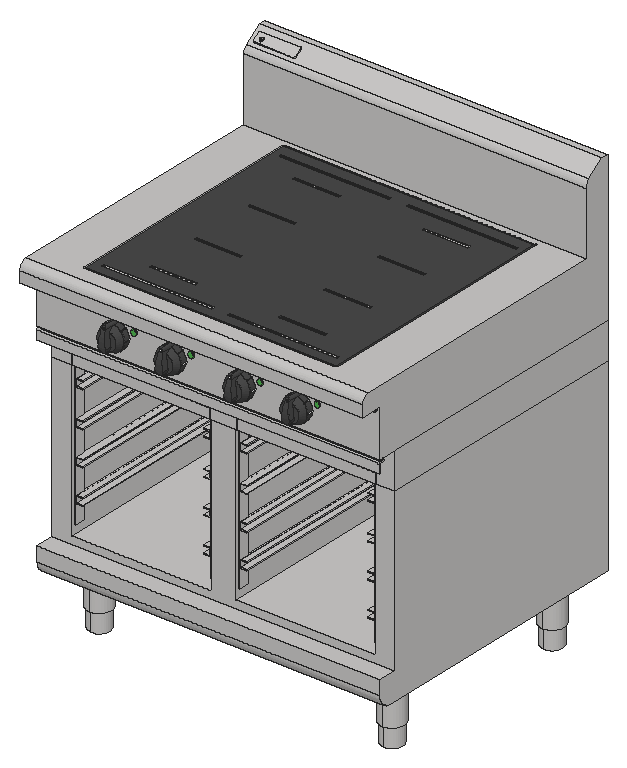
Revit family "QF_Moffat_IN8400F-CB_Induction_Cooktop_cat", category Specialty Equipment, Revit 2019
Family settings
  Round Connector Dimension = Use Diameter
  Part Type = Normal
  Work Plane-Based = No
  Always vertical = Yes
  Cut with Voids When Loaded = No
  Shared = No
  Room Calculation Point = No
Parameters (values of type "IN8400F-CB_400/50/3")
  Weight in Kilograms = 105
  Watts = 20000 W
  Volts = 400 V
  URL Cutsheet = ""
  Specification by User = ""
  Specification by Manufacturer = ""
  Show Logo [instance] = yes
  Serial Number = ""
  Seismic Rating = ""
  SMACNA No = ""
  Revision Code = ""
  Phase = 3
  Number of Poles = 1
  NAFEM Spec ID Number = ""
  Model = "IN8400F-CB"
  Min Ckt Ampacity = 0 A
  Max Overcurrent Protection = 0 A
  Masterspec = ""
  Manufacturer = "Moffat"
  Length = 900 mm
  Item Number = ""
  Installed By = ""
  Identify Quantity as Lot = yes
  Height = 1130 mm
  HP = ""
  Furnished By = ""
  Foodservice Equipment Identifier = yes
  FL Amps = 28 A
  Electrical Remarks = ""
  Electric Connection Type = ""
  Elec Conn RI Height = 0 mm
  Elec Conn Connection Height = 0 mm
  Description = "Induction Cooktop"
  Depth = 805 mm
  Cycle = 50 Hz
  Conn Plug = ""
  Conn Conduit = yes
  CSI MasterFormat = ""
  Apparent Power = 16608 VA
Reference planes
  plane 1 "BACK": y = 0
  plane 2: z = 0
  plane 3 "LEFT": x = 0
  plane 4 "RIGHT": x = 900
  plane 5 "FRONT": y = -805
  plane 6 "TOP": z = 1130
  plane 7 "Center Y": x = 450
  plane 8 "Center X": y = -402.5
  plane 9: x = 65.5
  plane 10: x = 834.5
  plane 11: y = -30
  plane 12: z = 150
  plane 13: y = -100
  plane 14: y = -625
  plane 15: y = -70
  plane 16: z = 915
  plane 17: x = 770
Forms (mm)
  Extrusion 1, solid, material "QF_Metal_Stainless_Polished"
    sketch origin (0, 0, 560) x (0, 1, 0) y (0, 0, 1)
      loop
        line (0, 180) -> (0, 570) -> (-18.182, 570) -> (-60.863, 538.99)
        arc (-60.863, 538.99) -> (-67.584, 531.121) -> (-70, 521.058) r 22.165
        line (-70, 521.058) -> (-70, 355) -> (-784.417, 355)
        arc (-784.417, 355) -> (-798.971, 348.971) -> (-805, 334.417) r 20.583
        line (-805, 334.417) -> (-805, 305) -> (-749, 305) -> (-749, 180) -> (0, 180)
    from 0 to 900
  Extrusion 2, void
    sketch origin (0, -784.171, 915) x (0, 1, 0) y (-1, 0, 0)
      loop
        arc (699.341, -122.382) -> (697.584, -118.139) -> (693.341, -116.382) r 6
        line (693.341, -116.382) -> (45.245, -116.382)
        arc (45.245, -116.382) -> (41.002, -118.139) -> (39.245, -122.382) r 6
        line (39.245, -122.382) -> (39.245, -777.618)
        arc (39.245, -777.618) -> (41.002, -781.861) -> (45.245, -783.618) r 6
        line (45.245, -783.618) -> (693.341, -783.618)
        arc (693.341, -783.618) -> (697.584, -781.861) -> (699.341, -777.618) r 6
        line (699.341, -777.618) -> (699.341, -122.382)
    from 0 to -9.5
  Extrusion 3, solid, material "QF_Plastic_Black_Smooth"
    sketch origin (0, -784.171, 915) x (0, 1, 0) y (-1, 0, 0)
      loop
        line (695.341, -777.618) -> (695.341, -122.382)
        arc (695.341, -122.382) -> (694.755, -120.968) -> (693.341, -120.382) r 2
        line (693.341, -120.382) -> (45.245, -120.382)
        arc (45.245, -120.382) -> (43.831, -120.968) -> (43.245, -122.382) r 2
        line (43.245, -122.382) -> (43.245, -777.618)
        arc (43.245, -777.618) -> (43.831, -779.032) -> (45.245, -779.618) r 2
        line (45.245, -779.618) -> (693.341, -779.618)
        arc (693.341, -779.618) -> (694.755, -779.032) -> (695.341, -777.618) r 2
      loop
        line (663.444, -138.924) -> (657.444, -138.924) -> (657.444, -426.076) -> (663.444, -426.076) -> (663.444, -138.924)
      loop
        line (78.838, -141.424) -> (72.838, -141.424) -> (72.838, -428.576) -> (78.838, -428.576) -> (78.838, -141.424)
      loop
        line (663.444, -761.076) -> (663.444, -473.924) -> (657.444, -473.924) -> (657.444, -761.076) -> (663.444, -761.076)
      loop
        line (78.838, -758.576) -> (78.838, -471.424) -> (72.838, -471.424) -> (72.838, -758.576) -> (78.838, -758.576)
      loop
        line (600.671, -220) -> (600.671, -340) -> (606.671, -340) -> (606.671, -220) -> (600.671, -220)
      loop
        line (454.421, -220) -> (454.421, -340) -> (460.421, -340) -> (460.421, -220) -> (454.421, -220)
      loop
        line (283.728, -340) -> (283.728, -220) -> (277.728, -220) -> (277.728, -340) -> (283.728, -340)
      loop
        line (136.404, -340) -> (136.404, -220) -> (130.404, -220) -> (130.404, -340) -> (136.404, -340)
      loop
        line (600.671, -680) -> (606.671, -680) -> (606.671, -560) -> (600.671, -560) -> (600.671, -680)
      loop
        line (454.421, -680) -> (460.421, -680) -> (460.421, -560) -> (454.421, -560) -> (454.421, -680)
      loop
        line (283.728, -560) -> (277.728, -560) -> (277.728, -680) -> (283.728, -680) -> (283.728, -560)
      loop
        line (136.404, -560) -> (130.404, -560) -> (130.404, -680) -> (136.404, -680) -> (136.404, -560)
    from 0 to -9.5
  Extrusion 4, solid, material "QF_Metal_Stainless_Polished"
    sketch origin (0, 0, 600) x (0, 1, 0) y (0, 0, 1)
      loop
        line (-739.467, 140) -> (-738.192, 134.838)
        arc (-738.192, 134.838) -> (-738.307, 134.302) -> (-738.799, 134.063) r 0.625
        line (-738.799, 134.063) -> (-746.111, 134.063)
        arc (-746.111, 134.063) -> (-748.011, 133.276) -> (-748.797, 131.377) r 2.686
        line (-748.797, 131.377) -> (-748.797, 107.627) -> (-747.197, 107.627) -> (-747.197, 131.242)
        arc (-747.197, 131.242) -> (-746.84, 132.105) -> (-745.976, 132.463) r 1.221
        line (-745.976, 132.463) -> (-738.755, 132.463)
        arc (-738.755, 132.463) -> (-737.028, 133.304) -> (-736.625, 135.182) r 2.194
        line (-736.625, 135.182) -> (-737.815, 140) -> (-739.467, 140)
    from 0 to 900
  Extrusion 5, solid, material "QF_Plastic_Black_Smooth"
    sketch origin (0, -749, 741.875) x (0, 0, 1) y (-1, 0, 0)
      loop
        circle (112.843, -13.157) r 5
      loop
        circle (112.843, -886.843) r 5
    from 0 to 1.6
  Extrusion 6, solid, material "QF_Metal_Stainless_Polished"
    sketch origin (450, -699, 645) x (0, 1, 0) y (1, 0, 0)
      loop
        circle (669, 320) r 6.35
    from 0 to 10
  Extrusion 7, solid, material "QF_Metal_Stainless_Polished"
    sketch origin (0, -699, 645) x (1, 0, 0) y (0, -1, 0)
      loop
        line (0, -699) -> (900, -699) -> (900, 0) -> (849.2, 0) -> (849.2, -25.4) -> (485.8, -25.4) -> (485.8, 0) -> (414.2, 0) -> (414.2, -25.4) -> (50.8, -25.4) -> (50.8, 0) -> (0, 0) -> (0, -699)
    from 0 to -95
  Extrusion 8, solid, material "QF_Metal_Stainless_Polished"
    sketch origin (50.8, -30, 645) x (0, 1, 0) y (0, 0, 1)
      loop
        line (-669, 0) -> (-643.6, 0) -> (-643.6, 26.45) -> (-669, 26.45) -> (-669, 0)
      loop
        line (-669, 32.45) -> (-643.6, 32.45) -> (-643.6, 66.4) -> (-669, 66.4) -> (-669, 32.45)
      loop
        line (-669, 67.4) -> (-643.6, 67.4) -> (-643.6, 95) -> (-669, 95) -> (-669, 67.4)
    from 0 to 363.4
  Extrusion 9, solid, material "QF_Metal_Stainless_Polished"
    sketch origin (900, 0, 560) x (-1, 0, 0) y (0, -1, 0)
      loop
        line (761.076, 126.726) -> (473.924, 126.726) -> (473.924, 120.726) -> (761.076, 120.726) -> (761.076, 126.726)
      loop
        line (680, 183.5) -> (560, 183.5) -> (560, 177.5) -> (680, 177.5) -> (680, 183.5)
      loop
        line (680, 329.75) -> (560, 329.75) -> (560, 323.75) -> (680, 323.75) -> (680, 329.75)
      loop
        line (680, 506.443) -> (560, 506.443) -> (560, 500.443) -> (680, 500.443) -> (680, 506.443)
      loop
        line (680, 653.766) -> (560, 653.766) -> (560, 647.766) -> (680, 647.766) -> (680, 653.766)
      loop
        line (758.576, 711.333) -> (471.424, 711.333) -> (471.424, 705.333) -> (758.576, 705.333) -> (758.576, 711.333)
      loop
        line (138.924, 126.726) -> (138.924, 120.726) -> (426.076, 120.726) -> (426.076, 126.726) -> (138.924, 126.726)
      loop
        line (220, 183.5) -> (220, 177.5) -> (340, 177.5) -> (340, 183.5) -> (220, 183.5)
      loop
        line (220, 329.75) -> (220, 323.75) -> (340, 323.75) -> (340, 329.75) -> (220, 329.75)
      loop
        line (220, 506.443) -> (220, 500.443) -> (340, 500.443) -> (340, 506.443) -> (220, 506.443)
      loop
        line (220, 653.766) -> (220, 647.766) -> (340, 647.766) -> (340, 653.766) -> (220, 653.766)
      loop
        line (141.424, 711.333) -> (141.424, 705.333) -> (428.576, 705.333) -> (428.576, 711.333) -> (141.424, 711.333)
    from 355 to 345.5
  Extrusion 10, solid, material "QF_Paint_Green"
    sketch origin (123.231, -748.999, 713.75) x (0, 0, 1) y (-1, 0, 0)
      loop
        circle (100.3, -282.5) r 7.15
    from 0 to 1.6
  Extrusion 11, solid, material "QF_Plastic_Black_Smooth"
    sketch origin (135, -748.999, 725.625) x (0, 0, 1) y (-1, 0, 0)
      loop
        circle (112.843, -225) r 5
    from 0 to 1.6
  Extrusion 12, solid, material "QF_Paint_Green"
    sketch origin (-26.769, -748.999, 713.75) x (0, 0, 1) y (-1, 0, 0)
      loop
        circle (100.3, -282.5) r 7.15
    from 0 to 1.6
  Extrusion 13, solid, material "QF_Plastic_Black_Smooth"
    sketch origin (-15, -748.999, 725.625) x (0, 0, 1) y (-1, 0, 0)
      loop
        circle (112.843, -225) r 5
    from 0 to 1.6
  Extrusion 14, solid, material "QF_Paint_Green"
    sketch origin (454.481, -748.999, 713.75) x (0, 0, 1) y (-1, 0, 0)
      loop
        circle (100.3, -282.5) r 7.15
    from 0 to 1.6
  Extrusion 15, solid, material "QF_Plastic_Black_Smooth"
    sketch origin (466.25, -748.999, 725.625) x (0, 0, 1) y (-1, 0, 0)
      loop
        circle (112.843, -225) r 5
    from 0 to 1.6
  Extrusion 16, solid, material "QF_Paint_Green"
    sketch origin (304.481, -748.999, 713.75) x (0, 0, 1) y (-1, 0, 0)
      loop
        circle (100.3, -282.5) r 7.15
    from 0 to 1.6
  Extrusion 17, solid, material "QF_Plastic_Black_Smooth"
    sketch origin (316.25, -748.999, 725.625) x (0, 0, 1) y (-1, 0, 0)
      loop
        circle (112.843, -225) r 5
    from 0 to 1.6
  Extrusion 18, solid, material "QF_Metal_Stainless_Polished"
    sketch origin (849.2, -30, 645) x (0, 1, 0) y (0, 0, -1)
      loop
        line (-669, 0) -> (-669, -26.45) -> (-643.6, -26.45) -> (-643.6, 0) -> (-669, 0)
      loop
        line (-669, -32.45) -> (-669, -66.4) -> (-643.6, -66.4) -> (-643.6, -32.45) -> (-669, -32.45)
      loop
        line (-669, -67.4) -> (-669, -95) -> (-643.6, -95) -> (-643.6, -67.4) -> (-669, -67.4)
    from 0 to 363.4
Cuts and joins
  Extrusion 2 cuts Extrusion 1
Lines and regions (mm)
  symbolic lines
    curve 1: line (0, 0, 0) -> (900, 0, 0)
    curve 2: line (0, -805, 0) -> (0, 0, 0)
    curve 3: line (900, -805, 0) -> (0, -805, 0)
    curve 4: line (900, 0, 0) -> (900, -805, 0)
    curve 5: line (0, -18.182, 0) -> (900, -18.182, 0)
    curve 6: line (0, -70, 0) -> (450, -70, 0)
    curve 7: line (122.382, -84.83, 0) -> (777.618, -84.83, 0)
    curve 8: arc (777.618, -84.83, 0) -> (781.861, -86.587, 0) -> (783.618, -90.83, 0) r 6
    curve 9: line (783.618, -90.83, 0) -> (783.618, -738.926, 0)
    curve 10: arc (783.618, -738.926, 0) -> (781.861, -743.168, 0) -> (777.618, -744.926, 0) r 6
    curve 11: line (777.618, -744.926, 0) -> (122.382, -744.926, 0)
    curve 12: arc (122.382, -744.926, 0) -> (118.139, -743.168, 0) -> (116.382, -738.926, 0) r 6
    curve 13: line (116.382, -738.926, 0) -> (116.382, -90.83, 0)
    curve 14: arc (116.382, -90.83, 0) -> (118.139, -86.587, 0) -> (122.382, -84.83, 0) r 6
    curve 15: line (777.618, -88.83, 0) -> (122.382, -88.83, 0)
    curve 16: arc (122.382, -88.83, 0) -> (120.968, -89.415, 0) -> (120.382, -90.83, 0) r 2
    curve 17: line (120.382, -90.83, 0) -> (120.382, -738.926, 0)
    curve 18: arc (120.382, -738.926, 0) -> (120.968, -740.34, 0) -> (122.382, -740.926, 0) r 2
    curve 19: line (122.382, -740.926, 0) -> (777.618, -740.926, 0)
    curve 20: arc (777.618, -740.926, 0) -> (779.032, -740.34, 0) -> (779.618, -738.926, 0) r 2
    curve 21: line (779.618, -738.926, 0) -> (779.618, -90.83, 0)
    curve 22: arc (779.618, -90.83, 0) -> (779.032, -89.415, 0) -> (777.618, -88.83, 0) r 2
    curve 23: line (783.618, -738.926, 0) -> (783.618, -90.83, 0)
    curve 24: line (779.618, -90.83, 0) -> (779.618, -738.926, 0)
    curve 25: line (138.924, -126.726, 0) -> (426.076, -126.726, 0)
    curve 26: line (426.076, -126.726, 0) -> (426.076, -120.726, 0)
    curve 27: line (426.076, -120.726, 0) -> (138.924, -120.726, 0)
    curve 28: line (138.924, -120.726, 0) -> (138.924, -126.726, 0)
    curve 29: line (220, -183.5, 0) -> (340, -183.5, 0)
    curve 30: line (340, -183.5, 0) -> (340, -177.5, 0)
    curve 31: line (340, -177.5, 0) -> (220, -177.5, 0)
    curve 32: line (220, -177.5, 0) -> (220, -183.5, 0)
    curve 33: line (220, -329.75, 0) -> (340, -329.75, 0)
    curve 34: line (340, -329.75, 0) -> (340, -323.75, 0)
    curve 35: line (340, -323.75, 0) -> (220, -323.75, 0)
    curve 36: line (220, -323.75, 0) -> (220, -329.75, 0)
    curve 37: line (220, -506.443, 0) -> (340, -506.443, 0)
    curve 38: line (340, -506.443, 0) -> (340, -500.443, 0)
    curve 39: line (340, -500.443, 0) -> (220, -500.443, 0)
    curve 40: line (220, -500.443, 0) -> (220, -506.443, 0)
    curve 41: line (220, -653.766, 0) -> (340, -653.766, 0)
    curve 42: line (340, -653.766, 0) -> (340, -647.766, 0)
    curve 43: line (340, -647.766, 0) -> (220, -647.766, 0)
    curve 44: line (220, -647.766, 0) -> (220, -653.766, 0)
    curve 45: line (141.424, -711.333, 0) -> (428.576, -711.333, 0)
    curve 46: line (428.576, -711.333, 0) -> (428.576, -705.333, 0)
    curve 47: line (428.576, -705.333, 0) -> (141.424, -705.333, 0)
    curve 48: line (141.424, -705.333, 0) -> (141.424, -711.333, 0)
    curve 49: line (471.424, -711.333, 0) -> (758.576, -711.333, 0)
    curve 50: line (758.576, -711.333, 0) -> (758.576, -705.333, 0)
    curve 51: line (758.576, -705.333, 0) -> (471.424, -705.333, 0)
    curve 52: line (471.424, -705.333, 0) -> (471.424, -711.333, 0)
    curve 53: line (680, -653.766, 0) -> (560, -653.766, 0)
    curve 54: line (560, -653.766, 0) -> (560, -647.766, 0)
    curve 55: line (560, -647.766, 0) -> (680, -647.766, 0)
    curve 56: line (680, -647.766, 0) -> (680, -653.766, 0)
    curve 57: line (560, -506.443, 0) -> (680, -506.443, 0)
    curve 58: line (680, -506.443, 0) -> (680, -500.443, 0)
    curve 59: line (680, -500.443, 0) -> (560, -500.443, 0)
    curve 60: line (560, -500.443, 0) -> (560, -506.443, 0)
    curve 61: line (560, -329.75, 0) -> (680, -329.75, 0)
    curve 62: line (680, -329.75, 0) -> (680, -323.75, 0)
    curve 63: line (680, -323.75, 0) -> (560, -323.75, 0)
    curve 64: line (560, -323.75, 0) -> (560, -329.75, 0)
    curve 65: line (680, -177.5, 0) -> (560, -177.5, 0)
    curve 66: line (560, -177.5, 0) -> (560, -183.5, 0)
    curve 67: line (560, -183.5, 0) -> (680, -183.5, 0)
    curve 68: line (680, -183.5, 0) -> (680, -177.5, 0)
    curve 69: line (473.924, -126.726, 0) -> (761.076, -126.726, 0)
    curve 70: line (761.076, -126.726, 0) -> (761.076, -120.726, 0)
    curve 71: line (761.076, -120.726, 0) -> (473.924, -120.726, 0)
    curve 72: line (473.924, -120.726, 0) -> (473.924, -126.726, 0)
    curve 73: line (0, 0, 560) -> (900, 0, 560)
    curve 74: line (0, -805, 560) -> (0, 0, 560)
    curve 75: line (900, -805, 560) -> (0, -805, 560)
    curve 76: line (900, 0, 560) -> (900, -805, 560)
    curve 77: line (0, -18.182, 560) -> (900, -18.182, 560)
    curve 78: line (0, -70, 560) -> (900, -70, 560)
    curve 79: line (122.382, -84.83, 560) -> (777.618, -84.83, 560)
    curve 80: arc (777.618, -84.83, 560) -> (781.861, -86.587, 560) -> (783.618, -90.83, 560) r 6
    curve 81: line (783.618, -90.83, 560) -> (783.618, -738.926, 560)
    curve 82: arc (783.618, -738.926, 560) -> (781.861, -743.168, 560) -> (777.618, -744.926, 560) r 6
    curve 83: line (777.618, -744.926, 560) -> (122.382, -744.926, 560)
    curve 84: arc (122.382, -744.926, 560) -> (118.139, -743.168, 560) -> (116.382, -738.926, 560) r 6
    curve 85: line (116.382, -738.926, 560) -> (116.382, -90.83, 560)
    curve 86: arc (116.382, -90.83, 560) -> (118.139, -86.587, 560) -> (122.382, -84.83, 560) r 6
    curve 87: line (777.618, -88.83, 560) -> (122.382, -88.83, 560)
    curve 88: arc (122.382, -88.83, 560) -> (120.968, -89.415, 560) -> (120.382, -90.83, 560) r 2
    curve 89: line (120.382, -90.83, 560) -> (120.382, -738.926, 560)
    curve 90: arc (120.382, -738.926, 560) -> (120.968, -740.34, 560) -> (122.382, -740.926, 560) r 2
    curve 91: line (122.382, -740.926, 560) -> (777.618, -740.926, 560)
    curve 92: arc (777.618, -740.926, 560) -> (779.032, -740.34, 560) -> (779.618, -738.926, 560) r 2
    curve 93: line (779.618, -738.926, 560) -> (779.618, -90.83, 560)
    curve 94: arc (779.618, -90.83, 560) -> (779.032, -89.415, 560) -> (777.618, -88.83, 560) r 2
    curve 95: line (783.618, -738.926, 560) -> (783.618, -90.83, 560)
    curve 96: line (779.618, -90.83, 560) -> (779.618, -738.926, 560)
    curve 97: line (138.924, -126.726, 560) -> (426.076, -126.726, 560)
    curve 98: line (426.076, -126.726, 560) -> (426.076, -120.726, 560)
    curve 99: line (426.076, -120.726, 560) -> (138.924, -120.726, 560)
    curve 100: line (138.924, -120.726, 560) -> (138.924, -126.726, 560)
    curve 101: line (220, -183.5, 560) -> (340, -183.5, 560)
    curve 102: line (340, -183.5, 560) -> (340, -177.5, 560)
    curve 103: line (340, -177.5, 560) -> (220, -177.5, 560)
    curve 104: line (220, -177.5, 560) -> (220, -183.5, 560)
    curve 105: line (220, -329.75, 560) -> (340, -329.75, 560)
    curve 106: line (340, -329.75, 560) -> (340, -323.75, 560)
    curve 107: line (340, -323.75, 560) -> (220, -323.75, 560)
    curve 108: line (220, -323.75, 560) -> (220, -329.75, 560)
    curve 109: line (220, -506.443, 560) -> (340, -506.443, 560)
    curve 110: line (340, -506.443, 560) -> (340, -500.443, 560)
    curve 111: line (340, -500.443, 560) -> (220, -500.443, 560)
    curve 112: line (220, -500.443, 560) -> (220, -506.443, 560)
    curve 113: line (220, -653.766, 560) -> (340, -653.766, 560)
    curve 114: line (340, -653.766, 560) -> (340, -647.766, 560)
    curve 115: line (340, -647.766, 560) -> (220, -647.766, 560)
    curve 116: line (220, -647.766, 560) -> (220, -653.766, 560)
    curve 117: line (141.424, -711.333, 560) -> (428.576, -711.333, 560)
    curve 118: line (428.576, -711.333, 560) -> (428.576, -705.333, 560)
    curve 119: line (428.576, -705.333, 560) -> (141.424, -705.333, 560)
    curve 120: line (141.424, -705.333, 560) -> (141.424, -711.333, 560)
    curve 121: line (471.424, -711.333, 560) -> (758.576, -711.333, 560)
    curve 122: line (758.576, -711.333, 560) -> (758.576, -705.333, 560)
    curve 123: line (758.576, -705.333, 560) -> (471.424, -705.333, 560)
    curve 124: line (471.424, -705.333, 560) -> (471.424, -711.333, 560)
    curve 125: line (680, -653.766, 560) -> (560, -653.766, 560)
    curve 126: line (560, -653.766, 560) -> (560, -647.766, 560)
    curve 127: line (560, -647.766, 560) -> (680, -647.766, 560)
    curve 128: line (680, -647.766, 560) -> (680, -653.766, 560)
    curve 129: line (560, -506.443, 560) -> (680, -506.443, 560)
    curve 130: line (680, -506.443, 560) -> (680, -500.443, 560)
    curve 131: line (680, -500.443, 560) -> (560, -500.443, 560)
    curve 132: line (560, -500.443, 560) -> (560, -506.443, 560)
    curve 133: line (560, -329.75, 560) -> (680, -329.75, 560)
    curve 134: line (680, -329.75, 560) -> (680, -323.75, 560)
    curve 135: line (680, -323.75, 560) -> (560, -323.75, 560)
    curve 136: line (560, -323.75, 560) -> (560, -329.75, 560)
    curve 137: line (680, -177.5, 560) -> (560, -177.5, 560)
    curve 138: line (560, -177.5, 560) -> (560, -183.5, 560)
    curve 139: line (560, -183.5, 560) -> (680, -183.5, 560)
    curve 140: line (680, -183.5, 560) -> (680, -177.5, 560)
    curve 141: line (473.924, -126.726, 560) -> (761.076, -126.726, 560)
    curve 142: line (761.076, -126.726, 560) -> (761.076, -120.726, 560)
    curve 143: line (761.076, -120.726, 560) -> (473.924, -120.726, 560)
    curve 144: line (473.924, -120.726, 560) -> (473.924, -126.726, 560)
Dimensions and locks
  equal spacing: plane 3 "LEFT", plane 7 "Center Y", plane 4 "RIGHT"
  "Length": plane 3 "LEFT" to plane 4 "RIGHT"
  equal spacing: plane 5 "FRONT", plane 8 "Center X", plane 1 "BACK"
  "Depth": plane 5 "FRONT" to plane 1 "BACK"
  "Height": plane 6 "TOP" to level
  plane 9 to plane 10 = 769 mm
  plane 4 "RIGHT" to plane 3 "LEFT" = 900 mm
  plane 6 "TOP" to plane 2 = 1130 mm
  plane 1 "BACK" to plane 11 = 30 mm
  plane 1 "BACK" to plane 13 to plane 14 = 100 mm, 525 mm
  plane 1 "BACK" to plane 15 = 70 mm
  plane 16 to level = 915 mm  (x2)
  level to plane 12 = 150 mm
  plane 12 to level = 150 mm
  plane 4 "RIGHT" to plane 17 = 130 mm
  plane 1 "BACK" to plane 5 "FRONT" = 805 mm
  locked: plane 10 to plane 4 "RIGHT" at 65.5
  Extrusion 6 to level = 635 mm
  aligned and locked: level to plane 2
  aligned and locked: Extrusion 18 to Extrusion 7  (x2)
  aligned and locked: plane 7 "Center Y" to nested 1
  aligned and locked: plane 8 "Center X" to nested 1
Automatic sketch dimensions
  curve 8 to curve 22 = 0 mm  (x2)
  curve 10 to curve 20 = 0 mm  (x2)
  curve 12 to curve 18 = 0 mm  (x2)
  curve 14 to curve 16 = 0 mm  (x2)
  plane 1 "BACK" to curve 1 = 0 mm
  curve 1 to plane 3 "LEFT" = 0 mm
  curve 6 to plane 7 "Center Y" = 0 mm
  curve 1 to plane 4 "RIGHT" = 0 mm
  plane 5 "FRONT" to curve 3 = 0 mm
  plane 15 to curve 6 = 0 mm
  curve 13 to plane 9 = 50.882 mm
  curve 13 to curve 17 = 4 mm
  curve 17 to curve 16 = 2 mm
  curve 17 to curve 18 = 2 mm
  curve 14 to curve 25 = 16.542 mm
  curve 18 to curve 48 = 19.042 mm
  curve 40 to plane 9 = 154.5 mm
  plane 14 to curve 44 = 22.766 mm
  curve 47 to curve 44 = 78.576 mm
  curve 25 to curve 29 = 81.076 mm
  plane 8 "Center X" to curve 36 = 72.75 mm
  curve 36 to curve 29 = 0 mm
  curve 34 to plane 7 "Center Y" = 110 mm
  curve 37 to plane 7 "Center Y" = 110 mm
  plane 14 to curve 41 = 28.766 mm
  curve 41 to plane 7 "Center Y" = 110 mm
  curve 31 to plane 7 "Center Y" = 110 mm
  curve 26 to plane 7 "Center Y" = 23.924 mm
  curve 45 to plane 7 "Center Y" = 21.424 mm
  plane 7 "Center Y" to curve 52 = 21.424 mm
  plane 7 "Center Y" to curve 72 = 23.924 mm
  curve 69 to curve 67 = 86.076 mm
  plane 7 "Center Y" to curve 64 = 110 mm
  plane 7 "Center Y" to curve 60 = 110 mm
  plane 14 to curve 55 = 22.766 mm
  curve 51 to curve 55 = 88.576 mm
  plane 14 to curve 56 = 28.766 mm
  curve 56 to plane 17 = 90 mm
  curve 63 to plane 17 = 90 mm
  curve 68 to plane 17 = 90 mm
  curve 59 to plane 17 = 90 mm
  curve 51 to plane 17 = 11.424 mm
  curve 69 to plane 17 = 8.924 mm
  plane 17 to curve 10 = 7.618 mm
  plane 17 to curve 7 = 7.618 mm
  curve 8 to curve 21 = 2 mm
  curve 11 to plane 5 "FRONT" = 60.074 mm
  curve 10 to curve 50 = 27.593 mm
  curve 18 to curve 45 = 27.593 mm
  curve 45 to curve 47 = 6 mm
  curve 49 to curve 51 = 6 mm
  curve 60 to plane 8 "Center X" = 103.943 mm
  curve 40 to plane 8 "Center X" = 103.943 mm
  curve 57 to curve 59 = 6 mm
  curve 37 to curve 40 = 6 mm
  plane 8 "Center X" to curve 62 = 72.75 mm
  curve 61 to curve 64 = 6 mm
  curve 33 to curve 34 = 6 mm
  plane 13 to curve 29 = 83.5 mm
  plane 13 to curve 67 = 83.5 mm
  curve 29 to curve 31 = 6 mm
  curve 67 to curve 68 = 6 mm
  plane 13 to curve 25 = 26.726 mm
  plane 13 to curve 72 = 26.726 mm
  curve 25 to curve 28 = 6 mm
  curve 69 to curve 71 = 6 mm
  curve 21 to plane 13 = 9.17 mm
  curve 5 to plane 11 = 11.818 mm
  Extrusion 1 sketch curve to plane 5 "FRONT" = 0 mm
  Extrusion 1 sketch curve to plane 16 = 0 mm
  Extrusion 1 sketch curve to plane 15 = 0 mm
  Extrusion 1 sketch curve to plane 6 "TOP" = 0 mm
  Extrusion 1 sketch curve to plane 1 "BACK" = 0 mm
  Extrusion 1 sketch curve to plane 5 "FRONT" = 20.583 mm
  Extrusion 1 sketch curve to plane 5 "FRONT" = 56 mm
  Extrusion 1 sketch curve to plane 15 = 9.137 mm
  plane 11 to Extrusion 1 sketch curve = 17.835 mm
  Extrusion 1 sketch curve to plane 11 = 11.818 mm
  Extrusion 1 sketch curve to Extrusion 1 sketch curve = 29.417 mm
  Extrusion 1 sketch curve to plane 16 = 175 mm
  Extrusion 1 sketch curve to plane 6 "TOP" = 48.942 mm
  Extrusion 2 sketch curve to Extrusion 1 = 39.492 mm
  Extrusion 2 sketch curve to Extrusion 2 sketch curve = 6 mm  (x3)
  Extrusion 1 to Extrusion 2 sketch curve = 20.83 mm  (x2)
  Extrusion 1 to Extrusion 2 sketch curve = 116.382 mm
  Extrusion 1 to Extrusion 2 sketch curve = 122.382 mm
  Extrusion 3 sketch curve to Extrusion 1 = 43.492 mm
  Extrusion 3 sketch curve to Extrusion 3 sketch curve = 2 mm  (x3)
  Extrusion 3 sketch curve to Extrusion 1 = 73.085 mm
  Extrusion 3 sketch curve to Extrusion 3 sketch curve = 0 mm  (x5)
  Extrusion 3 sketch curve to Extrusion 3 sketch curve = 6 mm  (x12)
  Extrusion 3 sketch curve to Extrusion 3 sketch curve = 51.566 mm  (x2)
  Extrusion 3 sketch curve to Extrusion 3 sketch curve = 141.323 mm  (x2)
  Extrusion 3 sketch curve to Extrusion 3 sketch curve = 170.693 mm  (x2)
  Extrusion 1 to Extrusion 3 sketch curve = 113.5 mm  (x2)
  Extrusion 1 to Extrusion 3 sketch curve = 56.726 mm
  Extrusion 1 to Extrusion 3 sketch curve = 20.83 mm  (x2)
  Extrusion 1 to Extrusion 3 sketch curve = 120.382 mm
  Extrusion 3 sketch curve to Extrusion 3 sketch curve = 16.542 mm
  Extrusion 3 sketch curve to Extrusion 3 sketch curve = 19.042 mm  (x2)
  Extrusion 3 sketch curve to Extrusion 3 sketch curve = 81.076 mm  (x2)
  Extrusion 3 sketch curve to Extrusion 3 sketch curve = 78.576 mm  (x3)
  Extrusion 3 sketch curve to Extrusion 3 sketch curve = 120 mm  (x8)
  Extrusion 3 sketch curve to Extrusion 3 sketch curve = 86.076 mm  (x2)
  Extrusion 3 sketch curve to Extrusion 3 sketch curve = 88.576 mm  (x2)
  Extrusion 3 sketch curve to Extrusion 3 sketch curve = 42.848 mm
  Extrusion 3 sketch curve to Extrusion 3 sketch curve = 47.848 mm
  Extrusion 4 sketch curve to plane 5 "FRONT" = 56.203 mm
  Extrusion 4 sketch curve to Extrusion 4 sketch curve = 1.6 mm
  Extrusion 4 sketch curve to Extrusion 4 sketch curve = 1.086 mm
  Extrusion 4 sketch curve to Extrusion 4 sketch curve = 0.135 mm  (x2)
  Extrusion 4 sketch curve to Extrusion 4 sketch curve = 6.644 mm
  Extrusion 4 sketch curve to Extrusion 4 sketch curve = 0.668 mm
  Extrusion 4 sketch curve to Extrusion 4 sketch curve = 0.044 mm
  Extrusion 4 sketch curve to Extrusion 4 sketch curve = 0.563 mm
  Extrusion 4 sketch curve to Extrusion 4 sketch curve = 1.652 mm
  Extrusion 4 sketch curve to Extrusion 4 sketch curve = 1.567 mm
  Extrusion 4 sketch curve to plane 16 = 207.373 mm
  Extrusion 4 sketch curve to Extrusion 4 sketch curve = 23.614 mm
  Extrusion 4 sketch curve to Extrusion 4 sketch curve = 0.594 mm
  Extrusion 4 sketch curve to Extrusion 4 sketch curve = 0.032 mm
  Extrusion 4 sketch curve to Extrusion 4 sketch curve = 5.162 mm
  Extrusion 1 to Extrusion 5 sketch curve = 10.282 mm  (x2)
  Extrusion 1 to Extrusion 5 sketch curve = 13.157 mm  (x2)
  Extrusion 7 to Extrusion 6 sketch curve = 30 mm
  Extrusion 6 sketch curve to Extrusion 7 = 79.2 mm
  Extrusion 7 sketch curve to plane 3 "LEFT" = 0 mm
  Extrusion 7 sketch curve to plane 4 "RIGHT" = 0 mm
  plane 1 "BACK" to Extrusion 7 sketch curve = 0 mm
  plane 9 to Extrusion 7 sketch curve = 14.7 mm
  Extrusion 7 sketch curve to plane 7 "Center Y" = 35.8 mm
  plane 7 "Center Y" to Extrusion 7 sketch curve = 35.8 mm
  Extrusion 7 sketch curve to plane 10 = 14.7 mm
  plane 14 to Extrusion 7 sketch curve = 48.6 mm  (x2)
  Extrusion 7 sketch curve to Extrusion 7 sketch curve = 25.4 mm  (x3)
  Extrusion 8 sketch curve to Extrusion 7 = 0 mm  (x8)
  Extrusion 7 to Extrusion 8 sketch curve = 26.45 mm
  Extrusion 8 sketch curve to Extrusion 8 sketch curve = 6 mm
  Extrusion 7 to Extrusion 8 sketch curve = 28.6 mm
  Extrusion 8 sketch curve to Extrusion 8 sketch curve = 1 mm
  plane 17 to Extrusion 9 sketch curve = 8.924 mm
  plane 17 to Extrusion 9 sketch curve = 11.424 mm
  Extrusion 9 sketch curve to plane 14 = 28.766 mm  (x2)
  plane 17 to Extrusion 9 sketch curve = 90 mm  (x4)
  Extrusion 9 sketch curve to plane 7 "Center Y" = 110 mm  (x4)
  Extrusion 9 sketch curve to plane 14 = 22.766 mm
  Extrusion 9 sketch curve to plane 7 "Center Y" = 23.924 mm
  Extrusion 9 sketch curve to plane 7 "Center Y" = 21.424 mm
  plane 7 "Center Y" to Extrusion 9 sketch curve = 21.424 mm
  plane 7 "Center Y" to Extrusion 9 sketch curve = 23.924 mm
  plane 7 "Center Y" to Extrusion 9 sketch curve = 110 mm  (x2)
  Extrusion 9 sketch curve to Extrusion 9 sketch curve = 88.576 mm
  Extrusion 9 sketch curve to Extrusion 9 sketch curve = 86.076 mm
  Extrusion 9 sketch curve to Extrusion 9 sketch curve = 120 mm  (x4)
  plane 9 to Extrusion 9 sketch curve = 75.924 mm
  Extrusion 9 sketch curve to plane 13 = 20.726 mm
  plane 9 to Extrusion 9 sketch curve = 73.424 mm
  Extrusion 9 sketch curve to plane 14 = 80.333 mm  (x2)
  Extrusion 9 sketch curve to Extrusion 9 sketch curve = 6 mm  (x11)
  plane 8 "Center X" to Extrusion 9 sketch curve = 103.943 mm  (x2)
  Extrusion 9 sketch curve to plane 8 "Center X" = 72.75 mm  (x2)
  Extrusion 9 sketch curve to plane 13 = 83.5 mm  (x2)
  Extrusion 9 sketch curve to plane 13 = 26.726 mm
  Extrusion 10 sketch curve to plane 7 "Center Y" = 44.269 mm
  Extrusion 10 sketch curve to plane 16 = 100.95 mm
  Extrusion 11 sketch curve to plane 16 = 76.532 mm
  Extrusion 11 sketch curve to plane 7 "Center Y" = 90 mm
  Extrusion 12 sketch curve to plane 16 = 100.95 mm
  Extrusion 12 sketch curve to plane 9 = 190.231 mm
  Extrusion 13 sketch curve to plane 16 = 76.532 mm
  Extrusion 13 sketch curve to plane 9 = 144.5 mm
  Extrusion 14 sketch curve to plane 17 = 33.019 mm
  Extrusion 14 sketch curve to plane 16 = 100.95 mm
  Extrusion 15 sketch curve to plane 16 = 76.532 mm
  Extrusion 15 sketch curve to plane 17 = 78.75 mm
  Extrusion 16 sketch curve to plane 16 = 100.95 mm
  plane 7 "Center Y" to Extrusion 16 sketch curve = 136.981 mm
  Extrusion 17 sketch curve to plane 16 = 76.532 mm
  plane 7 "Center Y" to Extrusion 17 sketch curve = 91.25 mm
  plane 14 to Extrusion 18 sketch curve = 74 mm
  Extrusion 18 sketch curve to Extrusion 18 sketch curve = 0 mm  (x4)
  Extrusion 18 sketch curve to Extrusion 18 sketch curve = 25.4 mm
  Extrusion 18 sketch curve to plane 16 = 175 mm
  Extrusion 18 sketch curve to Extrusion 18 sketch curve = 27.6 mm
  Extrusion 18 sketch curve to Extrusion 18 sketch curve = 1 mm
  Extrusion 18 sketch curve to Extrusion 18 sketch curve = 33.95 mm
  Extrusion 18 sketch curve to Extrusion 18 sketch curve = 6 mm
  Extrusion 18 sketch curve to Extrusion 18 sketch curve = 26.45 mm
  curve 80 to curve 94 = 0 mm  (x2)
  curve 82 to curve 92 = 0 mm
  curve 84 to curve 90 = 0 mm  (x2)
  curve 86 to curve 88 = 0 mm  (x2)
  plane 1 "BACK" to curve 73 = 0 mm
  curve 73 to plane 3 "LEFT" = 0 mm
  curve 75 to plane 4 "RIGHT" = 0 mm
  plane 5 "FRONT" to curve 75 = 0 mm
  plane 15 to curve 78 = 0 mm
  curve 85 to plane 9 = 50.882 mm
  curve 85 to curve 89 = 4 mm
  curve 89 to curve 88 = 2 mm
  curve 89 to curve 90 = 2 mm
  curve 86 to curve 97 = 16.542 mm
  curve 90 to curve 120 = 19.042 mm
  curve 112 to plane 9 = 154.5 mm
  plane 14 to curve 116 = 22.766 mm
  curve 119 to curve 116 = 78.576 mm
  curve 97 to curve 101 = 81.076 mm
  plane 8 "Center X" to curve 108 = 72.75 mm
  curve 108 to curve 101 = 0 mm
  curve 106 to plane 7 "Center Y" = 110 mm
  curve 109 to plane 7 "Center Y" = 110 mm
  plane 14 to curve 113 = 28.766 mm
  curve 113 to plane 7 "Center Y" = 110 mm
  curve 103 to plane 7 "Center Y" = 110 mm
  curve 98 to plane 7 "Center Y" = 23.924 mm
  curve 118 to plane 7 "Center Y" = 21.424 mm
  plane 7 "Center Y" to curve 124 = 21.424 mm
  plane 7 "Center Y" to curve 144 = 23.924 mm
  curve 141 to curve 139 = 86.076 mm
  plane 7 "Center Y" to curve 136 = 110 mm
  plane 7 "Center Y" to curve 132 = 110 mm
  plane 14 to curve 127 = 22.766 mm
  curve 123 to curve 127 = 88.576 mm
  curve 135 to plane 17 = 90 mm
  curve 137 to plane 17 = 90 mm
  curve 131 to plane 17 = 90 mm
  plane 14 to curve 128 = 28.766 mm
  curve 128 to plane 17 = 90 mm
  curve 122 to plane 17 = 11.424 mm
  curve 141 to plane 17 = 8.924 mm
  plane 17 to curve 91 = 7.618 mm
  plane 17 to curve 80 = 7.618 mm
  curve 80 to curve 96 = 2 mm
  curve 83 to plane 5 "FRONT" = 60.074 mm
  curve 82 to curve 122 = 27.593 mm
  curve 90 to curve 117 = 27.593 mm
  curve 117 to curve 119 = 6 mm
  curve 121 to curve 123 = 6 mm
  curve 132 to plane 8 "Center X" = 103.943 mm
  curve 112 to plane 8 "Center X" = 103.943 mm
  curve 129 to curve 131 = 6 mm
  curve 109 to curve 112 = 6 mm
  plane 8 "Center X" to curve 134 = 72.75 mm
  curve 133 to curve 136 = 6 mm
  curve 105 to curve 106 = 6 mm
  plane 13 to curve 101 = 83.5 mm
  plane 13 to curve 139 = 83.5 mm
  curve 101 to curve 103 = 6 mm
  curve 139 to curve 140 = 6 mm
  plane 13 to curve 97 = 26.726 mm
  plane 13 to curve 144 = 26.726 mm
  curve 97 to curve 100 = 6 mm
  curve 141 to curve 143 = 6 mm
  curve 93 to plane 13 = 9.17 mm
  curve 77 to plane 11 = 11.818 mm
  radius of Extrusion 5 sketch curve = 5 mm  (x2)
  radius of Extrusion 6 sketch curve = 6.35 mm
  radius of Extrusion 10 sketch curve = 7.15 mm
  radius of Extrusion 11 sketch curve = 5 mm
  radius of Extrusion 12 sketch curve = 7.15 mm
  radius of Extrusion 13 sketch curve = 5 mm
  radius of Extrusion 14 sketch curve = 7.15 mm
  radius of Extrusion 15 sketch curve = 5 mm
  radius of Extrusion 16 sketch curve = 7.15 mm
  radius of Extrusion 17 sketch curve = 5 mm
Nested families
  nested 1: "IN8400F-CB_Cabinet base" at (0, 0, 0), type "IN511F-LS"
  nested 2: "QF_LOGO_Waldorf" at (12, -52.35, 1105.175), visible <- "Show Logo", type "QF_LOGO_Waldorf"
  nested 3: "Knob" at (327.5, -739.499, 760.75), type "Knob"
  nested 4: "Knob" at (177.5, -739.499, 760.75), type "Knob"
  nested 5: "Knob" at (658.75, -739.499, 760.75), type "Knob"
  nested 6: "Knob" at (508.75, -739.499, 760.75), type "Knob"
Connectors
  electrical at (770, -30, 635), driven by "Volts", driven by "Watts"
    settings: on Extrusion 6, index 5, voltage 400 V, apparent load 20000 VA, apparent load phase1 0 VA, apparent load phase2 0 VA, apparent load phase3 0 VA, power factor 1, load classification "Other", number of poles 1, system type 30, power factor state 1, is connector primary yes, connector utility no, sub classification motor no, connector description "ELECTRICAL CONNECTION"
Definition of nested family "IN8400F-CB_Cabinet base"
  Parameters (values of type "IN511F-LS")
    Model = ""
    Manufacturer = ""
    Description = ""
  Reference planes
    plane 1 "BACK": y = 0
    plane 2: z = 0
    plane 3 "LEFT": x = 0
    plane 4 "RIGHT": x = 900
    plane 5 "FRONT": y = -805
    plane 6 "TOP": z = 1130
    plane 7 "Center Y": x = 450
    plane 8 "Center X": y = -402.5
    plane 9: x = 65.5
    plane 10: x = 834.5
    plane 11: y = -100
    plane 12: y = -625
    plane 13: z = 150
    plane 14: z = 645
  Forms (mm)
    Revolve 1, solid
      sketch origin (65.5, -4572, 255.2) x (0, 0, -1) y (0, -1, 0)
        loop
          line (255.2, -3974.5) -> (255.2, -3947) -> (105.2, -3947) -> (105.2, -3978.75) -> (205.2, -3978.75) -> (205.2, -3974.5) -> (255.2, -3974.5)
        axis (105.2, -3947) -> (255.2, -3947)
      angle from 0 to 360
    Revolve 2, solid
      sketch origin (834.5, -4572, 255.2) x (0, 0, -1) y (0, 1, 0)
        loop
          line (255.2, 3974.5) -> (205.2, 3974.5) -> (205.2, 3978.75) -> (105.2, 3978.75) -> (105.2, 3947) -> (255.2, 3947) -> (255.2, 3974.5)
        axis (105.2, 3947) -> (255.2, 3947)
      angle from 0 to 360
    Extrusion 3, solid
      sketch origin (0, 0, 0) x (0, 1, 0) y (0, 0, 1)
        loop
          line (-50.8, 150) -> (-50.8, 242.5) -> (-699, 242.5) -> (-699, 222.5) -> (-747.95, 222.5) -> (-747.95, 185)
          arc (-747.95, 185) -> (-737.699, 160.251) -> (-712.95, 150) r 35
          line (-712.95, 150) -> (-50.8, 150)
      from 0 to 900
    Extrusion 4, solid
      sketch origin (-6096, 120, 150) x (0, 1, 0) y (-1, 0, 0)
        loop
          line (-120, -6096) -> (-819, -6096) -> (-819, -6146.8) -> (-170.8, -6146.8) -> (-170.8, -6514.25) -> (-819, -6514.25) -> (-819, -6577.75) -> (-170.8, -6577.75) -> (-170.8, -6945.2) -> (-819, -6945.2) -> (-819, -6996) -> (-120, -6996) -> (-120, -6096)
      from 0 to 495
    Extrusion 5, solid
      sketch origin (50.8, -50.8, 267.5) x (0, 0, 1) y (1, 0, 0)
        loop
          line (325, 25.4) -> (325, 6.4) -> (345, 6.4) -> (345, 25.4) -> (343.4, 25.4) -> (343.4, 8) -> (326.6, 8) -> (326.6, 25.4) -> (325, 25.4)
        loop
          line (230, 25.4) -> (230, 6.4) -> (250, 6.4) -> (250, 25.4) -> (248.4, 25.4) -> (248.4, 8) -> (231.6, 8) -> (231.6, 25.4) -> (230, 25.4)
        loop
          line (140, 25.4) -> (140, 6.4) -> (160, 6.4) -> (160, 25.4) -> (158.4, 25.4) -> (158.4, 8) -> (141.6, 8) -> (141.6, 25.4) -> (140, 25.4)
        loop
          line (50, 25.4) -> (50, 6.4) -> (70, 6.4) -> (70, 25.4) -> (68.4, 25.4) -> (68.4, 8) -> (51.6, 8) -> (51.6, 25.4) -> (50, 25.4)
      from 0 to -641.85
    Extrusion 6, solid
      sketch origin (50.8, 44.437, 150) x (0, 1, 0) y (0, 0, 1)
        loop
          line (-95.237, 493.4) -> (-120.637, 493.4) -> (-120.637, 117.5) -> (-95.237, 117.5) -> (-95.237, 493.4)
        loop
          line (-709.687, 117.5) -> (-709.687, 495) -> (-737.087, 495) -> (-737.087, 117.5) -> (-709.687, 117.5)
      from 0 to 6.4
    Revolve 7, solid
      sketch origin (65.5, -4047, 255.2) x (0, 0, -1) y (0, -1, 0)
        loop
          line (255.2, -3974.5) -> (255.2, -3947) -> (105.2, -3947) -> (105.2, -3978.75) -> (205.2, -3978.75) -> (205.2, -3974.5) -> (255.2, -3974.5)
        axis (105.2, -3947) -> (255.2, -3947)
      angle from 0 to 360
    Revolve 8, solid
      sketch origin (834.5, -4047, 255.2) x (0, 0, -1) y (0, 1, 0)
        loop
          line (255.2, 3974.5) -> (205.2, 3974.5) -> (205.2, 3978.75) -> (105.2, 3978.75) -> (105.2, 3947) -> (255.2, 3947) -> (255.2, 3974.5)
        axis (105.2, 3947) -> (255.2, 3947)
      angle from 0 to 360
    Extrusion 9, solid
      sketch origin (418.25, 44.437, 150) x (0, 1, 0) y (0, 0, -1)
        loop
          line (-95.237, -488.4) -> (-95.237, -117.5) -> (-120.637, -117.5) -> (-120.637, -488.4) -> (-95.237, -488.4)
        loop
          line (-709.687, -117.5) -> (-737.087, -117.5) -> (-737.087, -490) -> (-709.687, -490) -> (-709.687, -117.5)
      from 0 to 6.4
    Extrusion 10, solid
      sketch origin (481.75, 44.437, 150) x (0, 1, 0) y (0, 0, 1)
        loop
          line (-95.237, 488.4) -> (-120.637, 488.4) -> (-120.637, 117.5) -> (-95.237, 117.5) -> (-95.237, 488.4)
        loop
          line (-709.687, 117.5) -> (-709.687, 490) -> (-737.087, 490) -> (-737.087, 117.5) -> (-709.687, 117.5)
      from 0 to 6.4
    Extrusion 11, solid
      sketch origin (849.2, 44.437, 150) x (0, 1, 0) y (0, 0, -1)
        loop
          line (-95.237, -493.4) -> (-95.237, -117.5) -> (-120.637, -117.5) -> (-120.637, -493.4) -> (-95.237, -493.4)
        loop
          line (-709.687, -117.5) -> (-737.087, -117.5) -> (-737.087, -495) -> (-709.687, -495) -> (-709.687, -117.5)
      from 0 to 6.4
    Extrusion 12, solid
      sketch origin (500.8, -50.8, 267.5) x (0, 0, 1) y (1, 0, 0)
        loop
          line (325, 323) -> (326.6, 323) -> (326.6, 340.4) -> (343.4, 340.4) -> (343.4, 323) -> (345, 323) -> (345, 342) -> (325, 342) -> (325, 323)
        loop
          line (230, 323) -> (231.6, 323) -> (231.6, 340.4) -> (248.4, 340.4) -> (248.4, 323) -> (250, 323) -> (250, 342) -> (230, 342) -> (230, 323)
        loop
          line (140, 323) -> (141.6, 323) -> (141.6, 340.4) -> (158.4, 340.4) -> (158.4, 323) -> (160, 323) -> (160, 342) -> (140, 342) -> (140, 323)
        loop
          line (50, 323) -> (51.6, 323) -> (51.6, 340.4) -> (68.4, 340.4) -> (68.4, 323) -> (70, 323) -> (70, 342) -> (50, 342) -> (50, 323)
      from 0 to -641.85
    Extrusion 13, solid
      sketch origin (69.85, -50.8, 267.5) x (0, 0, 1) y (1, 0, 0)
        loop
          line (325, 323) -> (326.6, 323) -> (326.6, 340.4) -> (343.4, 340.4) -> (343.4, 323) -> (345, 323) -> (345, 342) -> (325, 342) -> (325, 323)
        loop
          line (230, 323) -> (231.6, 323) -> (231.6, 340.4) -> (248.4, 340.4) -> (248.4, 323) -> (250, 323) -> (250, 342) -> (230, 342) -> (230, 323)
        loop
          line (140, 323) -> (141.6, 323) -> (141.6, 340.4) -> (158.4, 340.4) -> (158.4, 323) -> (160, 323) -> (160, 342) -> (140, 342) -> (140, 323)
        loop
          line (50, 323) -> (51.6, 323) -> (51.6, 340.4) -> (68.4, 340.4) -> (68.4, 323) -> (70, 323) -> (70, 342) -> (50, 342) -> (50, 323)
      from 0 to -641.85
    Extrusion 14, solid
      sketch origin (830.15, -50.8, 267.5) x (0, 0, 1) y (1, 0, 0)
        loop
          line (325, -323) -> (325, -342) -> (345, -342) -> (345, -323) -> (343.4, -323) -> (343.4, -340.4) -> (326.6, -340.4) -> (326.6, -323) -> (325, -323)
        loop
          line (230, -323) -> (230, -342) -> (250, -342) -> (250, -323) -> (248.4, -323) -> (248.4, -340.4) -> (231.6, -340.4) -> (231.6, -323) -> (230, -323)
        loop
          line (140, -323) -> (140, -342) -> (160, -342) -> (160, -323) -> (158.4, -323) -> (158.4, -340.4) -> (141.6, -340.4) -> (141.6, -323) -> (140, -323)
        loop
          line (50, -323) -> (50, -342) -> (70, -342) -> (70, -323) -> (68.4, -323) -> (68.4, -340.4) -> (51.6, -340.4) -> (51.6, -323) -> (50, -323)
      from 0 to -641.85
  Cuts and joins
    joined: Extrusion 3, Extrusion 4
  Dimensions and locks
    equal spacing: plane 3 "LEFT", plane 7 "Center Y", plane 4 "RIGHT"
    plane 3 "LEFT" to plane 4 "RIGHT" = 900 mm
    equal spacing: plane 5 "FRONT", plane 8 "Center X", plane 1 "BACK"
    plane 5 "FRONT" to plane 1 "BACK" = 805 mm
    plane 6 "TOP" to level = 1130 mm
    plane 9 to plane 10 = 769 mm
    plane 4 "RIGHT" to plane 3 "LEFT" = 900 mm
    plane 1 "BACK" to plane 5 "FRONT" = 805 mm
    plane 6 "TOP" to plane 2 = 1130 mm
    plane 1 "BACK" to plane 11 to plane 12 = 100 mm, 525 mm
    plane 13 to plane 2 = 150 mm
    locked: Extrusion 4 sketch curve to plane 4 "RIGHT" at 50.8
    Extrusion 4 sketch curve to plane 7 "Center Y" to Extrusion 4 sketch curve = 31.75 mm locked, 31.75 mm locked
    locked: plane 10 to plane 4 "RIGHT" at 65.5
    plane 13 to level = 150 mm
    aligned and locked: level to plane 2
    aligned and locked: plane 14 to cut or joined group of Extrusion 3, Extrusion 4
    aligned and locked: cut or joined group of Extrusion 3, Extrusion 4 to plane 4 "RIGHT"
    aligned and locked: plane 10 to Revolve 2
    aligned and locked: plane 10 to Revolve 8
  Automatic sketch dimensions
    Revolve 1 sketch curve to plane 12 = 0 mm  (x2)
    Revolve 1 sketch curve to plane 13 = 0 mm
    Revolve 1 sketch curve to level = 0 mm  (x2)
    level to Revolve 1 sketch curve = 50 mm
    Revolve 1 sketch curve to Revolve 1 sketch curve = 27.5 mm
    Revolve 1 sketch curve to Revolve 1 sketch curve = 31.75 mm
    Revolve 1 sketch curve to Revolve 1 sketch curve = 25 mm
    Revolve 2 sketch curve to plane 12 = 0 mm  (x2)
    Revolve 2 sketch curve to plane 13 = 0 mm
    Revolve 2 sketch curve to level = 0 mm  (x2)
    level to Revolve 2 sketch curve = 50 mm
    Revolve 2 sketch curve to plane 12 = 27.5 mm
    Revolve 2 sketch curve to Revolve 2 sketch curve = 4.25 mm
    Revolve 2 sketch curve to Revolve 2 sketch curve = 25 mm
    Extrusion 3 sketch curve to plane 13 = 0 mm
    Extrusion 3 sketch curve to plane 5 "FRONT" = 57.05 mm
    Extrusion 3 sketch curve to Extrusion 3 sketch curve = 35 mm
    Extrusion 3 sketch curve to Extrusion 3 sketch curve = 48.95 mm
    Extrusion 3 sketch curve to plane 11 = 49.2 mm
    Extrusion 3 sketch curve to Extrusion 3 sketch curve = 37.5 mm
    plane 13 to Extrusion 3 sketch curve = 92.5 mm
    Extrusion 4 sketch curve to plane 3 "LEFT" = 0 mm
    Extrusion 4 sketch curve to plane 4 "RIGHT" = 0 mm
    plane 1 "BACK" to Extrusion 4 sketch curve = 0 mm
    Extrusion 4 sketch curve to plane 11 = 49.2 mm  (x2)
    plane 12 to Extrusion 4 sketch curve = 74 mm  (x3)
    plane 9 to Extrusion 4 sketch curve = 14.7 mm
    Extrusion 6 to Extrusion 5 sketch curve = 0 mm  (x4)
    Extrusion 5 sketch curve to Extrusion 6 = 19 mm  (x4)
    Extrusion 6 to Extrusion 5 sketch curve = 50 mm
    Extrusion 5 sketch curve to Extrusion 5 sketch curve = 1.6 mm  (x8)
    Extrusion 5 sketch curve to Extrusion 6 = 1.6 mm  (x4)
    Extrusion 5 sketch curve to Extrusion 5 sketch curve = 16.8 mm  (x4)
    Extrusion 5 sketch curve to Extrusion 5 sketch curve = 70 mm  (x2)
    Extrusion 5 sketch curve to Extrusion 6 = 50.9 mm
    Extrusion 5 sketch curve to Extrusion 5 sketch curve = 17.4 mm  (x3)
    Extrusion 5 sketch curve to Extrusion 5 sketch curve = 0 mm
    Extrusion 4 to Extrusion 6 sketch curve = 0 mm
    Extrusion 6 sketch curve to Extrusion 4 = 0 mm
    Extrusion 6 sketch curve to Extrusion 6 sketch curve = 25.4 mm
    Extrusion 4 to Extrusion 6 sketch curve = 33.75 mm
    Extrusion 4 to Extrusion 6 sketch curve = 6.35 mm
    Extrusion 4 to Extrusion 6 sketch curve = 1.6 mm
    Extrusion 4 to Extrusion 6 sketch curve = 117.5 mm  (x2)
    Revolve 7 sketch curve to plane 11 = 0 mm  (x2)
    Revolve 7 sketch curve to plane 13 = 0 mm
    Revolve 7 sketch curve to level = 0 mm  (x2)
    level to Revolve 7 sketch curve = 50 mm
    Revolve 7 sketch curve to Revolve 7 sketch curve = 27.5 mm
    Revolve 7 sketch curve to plane 11 = 31.75 mm
    Revolve 7 sketch curve to Revolve 7 sketch curve = 25 mm
    Revolve 8 sketch curve to plane 11 = 0 mm  (x2)
    Revolve 8 sketch curve to plane 13 = 0 mm
    Revolve 8 sketch curve to level = 0 mm  (x2)
    level to Revolve 8 sketch curve = 50 mm
    Revolve 8 sketch curve to plane 11 = 27.5 mm
    Revolve 8 sketch curve to Revolve 8 sketch curve = 4.25 mm
    Revolve 8 sketch curve to Revolve 8 sketch curve = 25 mm
    plane 12 to Extrusion 9 sketch curve = 67.65 mm
    Extrusion 9 sketch curve to plane 14 = 5 mm
    Extrusion 9 sketch curve to Extrusion 9 sketch curve = 27.4 mm
    Extrusion 9 sketch curve to plane 14 = 6.6 mm
    Extrusion 9 sketch curve to plane 11 = 23.8 mm
    Extrusion 9 sketch curve to Extrusion 9 sketch curve = 25.4 mm
    plane 13 to Extrusion 9 sketch curve = 117.5 mm  (x2)
    plane 12 to Extrusion 10 sketch curve = 67.65 mm
    Extrusion 10 sketch curve to plane 14 = 5 mm
    Extrusion 10 sketch curve to Extrusion 10 sketch curve = 27.4 mm
    Extrusion 10 sketch curve to plane 14 = 6.6 mm
    Extrusion 10 sketch curve to plane 11 = 23.8 mm
    Extrusion 10 sketch curve to Extrusion 10 sketch curve = 25.4 mm
    plane 13 to Extrusion 10 sketch curve = 117.5 mm  (x2)
    Extrusion 11 sketch curve to plane 14 = 0 mm
    plane 12 to Extrusion 11 sketch curve = 67.65 mm
    Extrusion 11 sketch curve to Extrusion 11 sketch curve = 27.4 mm
    Extrusion 11 sketch curve to plane 14 = 1.6 mm
    Extrusion 11 sketch curve to plane 11 = 23.8 mm
    Extrusion 11 sketch curve to Extrusion 11 sketch curve = 25.4 mm
    plane 13 to Extrusion 11 sketch curve = 117.5 mm  (x2)
    plane 10 to Extrusion 12 sketch curve = 10.7 mm  (x8)
    plane 13 to Extrusion 12 sketch curve = 167.5 mm
    Extrusion 12 sketch curve to Extrusion 12 sketch curve = 1.6 mm  (x12)
    Extrusion 12 sketch curve to plane 10 = 6.7 mm  (x4)
    Extrusion 12 sketch curve to Extrusion 12 sketch curve = 16.8 mm  (x4)
    Extrusion 12 sketch curve to Extrusion 12 sketch curve = 70 mm  (x2)
    Extrusion 12 sketch curve to plane 14 = 52.5 mm
    Extrusion 13 sketch curve to plane 7 "Center Y" = 57.15 mm  (x4)
    plane 13 to Extrusion 13 sketch curve = 167.5 mm
    Extrusion 13 sketch curve to Extrusion 13 sketch curve = 1.6 mm  (x12)
    Extrusion 13 sketch curve to Extrusion 13 sketch curve = 16.8 mm  (x4)
    Extrusion 13 sketch curve to Extrusion 13 sketch curve = 70 mm  (x2)
    Extrusion 13 sketch curve to plane 14 = 52.5 mm
    Extrusion 13 sketch curve to Extrusion 13 sketch curve = 0 mm  (x4)
    Extrusion 13 sketch curve to Extrusion 13 sketch curve = 17.4 mm  (x4)
    plane 7 "Center Y" to Extrusion 14 sketch curve = 57.15 mm  (x4)
    plane 13 to Extrusion 14 sketch curve = 167.5 mm
    Extrusion 14 sketch curve to Extrusion 14 sketch curve = 1.6 mm  (x12)
    Extrusion 14 sketch curve to Extrusion 14 sketch curve = 16.8 mm  (x4)
    Extrusion 14 sketch curve to Extrusion 14 sketch curve = 70 mm  (x2)
    Extrusion 14 sketch curve to plane 14 = 52.5 mm
    Extrusion 14 sketch curve to Extrusion 14 sketch curve = 0 mm  (x3)
    Extrusion 14 sketch curve to Extrusion 14 sketch curve = 17.4 mm  (x5)
Definition of nested family "QF_LOGO_Waldorf"
  Parameters (values of type "QF_LOGO_Waldorf")
    Weight in Pounds = 0
    URL Cutsheet = ""
    Specification by User = ""
    Specification by Manufacturer = ""
    Serial Number = ""
    Seismic Rating = ""
    SMACNA No = ""
    Revision Code = ""
    NAFEM Spec ID Number = ""
    Masterspec = ""
    Length = 138 mm
    Item Number = ""
    Installed By = ""
    Identify Quantity as Lot = yes
    Height = 26.711 mm
    Furnished By = ""
    Foodservice Equipment Identifier = yes
    Depth = 3.175 mm
    CSI MasterFormat = ""
  Reference planes
    plane 1 "BACK": y = 0
    plane 2: z = 0
    plane 3 "LEFT": x = 0
    plane 4 "RIGHT": x = 138
    plane 5 "FRONT": y = -3.175
    plane 6 "TOP": z = 26.711
    plane 7 "Center Y": x = 69
    plane 8 "Center X": y = -1.587
  Forms (mm)
    Extrusion 1, solid
      sketch origin (0, 0, 0) x (1, 0, 0) y (0, 0.809017, 0.587785)
        loop
          line (109, 3.464) -> (109, 23.247)
          spline (109, 23.247) -> (108.966, 23.699) -> (108.864, 24.143) -> (108.696, 24.572) -> (108.464, 24.979) -> (108.173, 25.355) -> (107.828, 25.696) -> (107.435, 25.995) -> (107, 26.247) -> (106.531, 26.447) -> (106.035, 26.593) -> (105.522, 26.681) -> (105, 26.711)
          line (105, 26.711) -> (4, 26.711)
          spline (4, 26.711) -> (3.478, 26.681) -> (2.965, 26.593) -> (2.469, 26.447) -> (2, 26.247) -> (1.565, 25.995) -> (1.172, 25.696) -> (0.827, 25.355) -> (0.536, 24.979) -> (0.304, 24.572) -> (0.136, 24.143) -> (0.034, 23.699) -> (0, 23.247)
          line (0, 23.247) -> (0, 3.464)
          spline (0, 3.464) -> (0.034, 3.012) -> (0.136, 2.568) -> (0.304, 2.138) -> (0.536, 1.732) -> (0.827, 1.355) -> (1.172, 1.015) -> (1.565, 0.716) -> (2, 0.464) -> (2.469, 0.264) -> (2.965, 0.118) -> (3.478, 0.03) -> (4, 0)
          line (4, 0) -> (105, 0)
          spline (105, 0) -> (105.522, 0.03) -> (106.035, 0.118) -> (106.531, 0.264) -> (107, 0.464) -> (107.435, 0.716) -> (107.828, 1.015) -> (108.173, 1.355) -> (108.464, 1.732) -> (108.696, 2.138) -> (108.864, 2.568) -> (108.966, 3.012) -> (109, 3.464)
        loop
          line (14.75, 7.005) -> (14.75, 15.654)
          arc (14.75, 15.654) -> (10.425, 11.329) -> (14.75, 7.005) r 4.325
        loop
          line (15.25, 15.654) -> (15.25, 7.005)
          arc (15.25, 7.005) -> (19.575, 11.329) -> (15.25, 15.654) r 4.325
      from 0 to 3.2
    Extrusion 2, solid
      sketch origin (0, 0, 0) x (1, 0, 0) y (0, 0.809017, 0.587785)
        loop
          line (15.25, 15.654) -> (15.25, 7.005)
          arc (15.25, 7.005) -> (19.575, 11.329) -> (15.25, 15.654) r 4.325
      from 0 to 3.2
    Extrusion 3, solid
      sketch origin (16.271, 0, 0) x (-1, 0, 0) y (0, -0.809017, -0.587785)
        loop
          arc (1.521, -15.654) -> (5.846, -11.329) -> (1.521, -7.005) r 4.325
          line (1.521, -7.005) -> (1.521, -15.654)
      from 0 to 3.2
  Lines and regions (mm)
    Split face 1
      outline origin (0, -1.881, 2.589) x (1, 0, 0) y (0, 0.809017, 0.587785)
        loop
          spline (22.129, 16.975) -> (22.389, 15.984) -> (22.649, 15.002) -> (22.91, 14.028) -> (23.172, 13.065) -> (23.433, 12.11) -> (23.695, 11.166) -> (23.956, 10.232) -> (24.218, 9.308) -> (24.479, 8.396) -> (24.74, 7.495) -> (25, 6.605) -> (25.26, 5.728)
          line (25.26, 5.728) -> (29.463, 5.728)
          spline (29.463, 5.728) -> (29.582, 6.252) -> (29.701, 6.78) -> (29.82, 7.313) -> (29.939, 7.85) -> (30.058, 8.391) -> (30.178, 8.936) -> (30.297, 9.485) -> (30.416, 10.038) -> (30.536, 10.594) -> (30.655, 11.155) -> (30.775, 11.719) -> (30.894, 12.287)
          spline (30.894, 12.287) -> (31.018, 11.719) -> (31.142, 11.155) -> (31.266, 10.594) -> (31.39, 10.038) -> (31.514, 9.485) -> (31.638, 8.936) -> (31.762, 8.391) -> (31.885, 7.85) -> (32.009, 7.313) -> (32.133, 6.78) -> (32.256, 6.252) -> (32.379, 5.728)
          line (32.379, 5.728) -> (36.51, 5.728)
          spline (36.51, 5.728) -> (36.766, 6.605) -> (37.023, 7.495) -> (37.28, 8.396) -> (37.538, 9.308) -> (37.795, 10.232) -> (38.053, 11.166) -> (38.311, 12.11) -> (38.569, 13.065) -> (38.826, 14.028) -> (39.083, 15.002) -> (39.34, 15.984) -> (39.597, 16.975)
          line (39.597, 16.975) -> (35.637, 16.975)
          spline (35.637, 16.975) -> (35.523, 16.334) -> (35.41, 15.697) -> (35.296, 15.063) -> (35.182, 14.433) -> (35.068, 13.807) -> (34.954, 13.185) -> (34.84, 12.566) -> (34.726, 11.952) -> (34.612, 11.342) -> (34.497, 10.737) -> (34.383, 10.135) -> (34.269, 9.538)
          spline (34.269, 9.538) -> (34.138, 10.135) -> (34.008, 10.737) -> (33.877, 11.342) -> (33.746, 11.952) -> (33.616, 12.566) -> (33.485, 13.185) -> (33.354, 13.807) -> (33.224, 14.433) -> (33.093, 15.063) -> (32.963, 15.697) -> (32.833, 16.334) -> (32.703, 16.975)
          line (32.703, 16.975) -> (29.247, 16.975)
          spline (29.247, 16.975) -> (29.111, 16.334) -> (28.974, 15.697) -> (28.837, 15.063) -> (28.7, 14.433) -> (28.562, 13.807) -> (28.425, 13.185) -> (28.288, 12.566) -> (28.15, 11.952) -> (28.013, 11.342) -> (27.875, 10.737) -> (27.738, 10.135) -> (27.6, 9.538)
          spline (27.6, 9.538) -> (27.483, 10.135) -> (27.366, 10.737) -> (27.249, 11.342) -> (27.132, 11.952) -> (27.015, 12.566) -> (26.897, 13.185) -> (26.78, 13.807) -> (26.663, 14.433) -> (26.546, 15.063) -> (26.43, 15.697) -> (26.313, 16.334) -> (26.196, 16.975)
          line (26.196, 16.975) -> (22.129, 16.975)
    Split face 2
      outline origin (0, -1.881, 2.589) x (1, 0, 0) y (0, 0.809017, 0.587785)
        loop
          line (51.449, 5.728) -> (51.035, 6.606) -> (51.035, 11.169)
